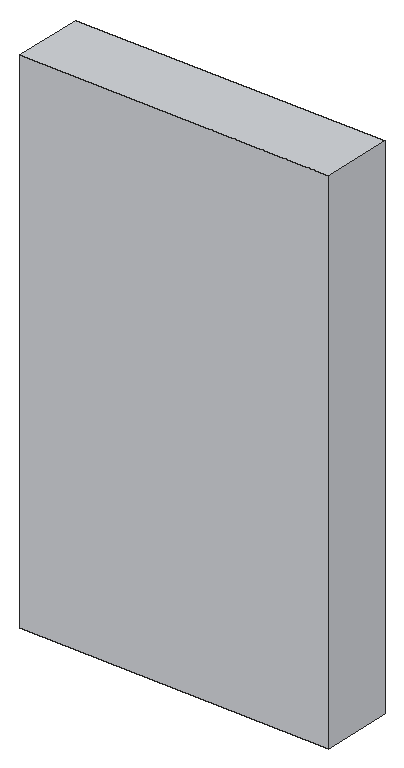
Revit family
Parameters
  Warranty Duration (Years) = 0
  Unit Width [instance] = 1' - 8 177/256"
  Unit Height [instance] = 0' - 9 99/256"
  Unit Depth = 0' - 0"
  URL = "http://www.americanspecialties.com/viewCategories.cfm"
  Test Data = ""
  Specification = "http://www.arcat.com/sdspecs/htm/10810asi.htm"
  SpecWizard = ""
  Send Message = "http://www.arcat.com/users.pl?action=UserEmail&company=American%20Specialties,%20Inc.&coid=30448&rep=139&fax=914-476-0688&mf="
  Sales Information = "http://www.americanspecialties.com/contact"
  Revision = "R1_10-2010"
  Trim Material = Metal - Stainless Steel
  Product Properties = "http://www.americanspecialties.com/datasheets/7402.pdf"
  Product Data = "http://www.arcat.com/arcatcos/cos30/arc30448.html"
  Body Material = Metal - Stainless Steel
  Model = "As Specified in 10 28 13"
  Manufacturer Website = "http://www.americanspecialties.com/viewCategories.cfm"
  Manufacturer Phone - Toll Free = ""
  Manufacturer Phone = "914-476-9000 "
  Manufacturer Fax = "914-476-0688"
  Manufacturer Address = "441 Saw Mill River Rd., Yonkers, NY 10701"
  Manufacturer = "American Specialties, Inc."
  Maintenance Schedule (Months) = 0
  Keynote = "10 28 13"
  Installation-Fabrication = "http://www.americanspecialties.com/products.cfm"
  Green Building-LEED = ""
  Expected Lifespan (Years) = 0
  Drawn By = "Robert S. Weygant. CSI, CDT, SCIP"  # constant formula
  Description = "Toilet Accessory as Specified in 10 28 13"
  Default Elevation = 4' - 0"
  Copyright = "©Arcat Inc."
  Construction Details = "http://www.arcat.com/green/clients/leed_data_30448.html"
  Building Codes = "http://www.americanspecialties.com/products.cfm"
  Assembly Code = "C1030210"
Reference planes (in)
  plane 1 "Center (Front/Back)": y = -0.22862
  plane 2 "Floor Line": z = 0
  plane 3: x = -6.97093
  plane 4: y = -6.54112
  plane 5: y = -0.97862
  plane 6: y = -5.79112
  plane 7: x = -0.65843
Forms (in)
  Extrusion 1, solid
    sketch origin (-3, -9, -6) x (0, 0, -1) y (1, 0, 0)
      loop
        line (-82, 26.34157) -> (-82, -19.34712) -> (-6, -19.34712) -> (-6, 26.34157) -> (-82, 26.34157)
    from 9 to -1.30107
  Extrusion 2, solid, material "Metal - Stainless Steel" <- "Body Material"
    sketch origin (0, 0, -2) x (1, 0, 0) y (0, 1, 0)
      loop
        line (-6.97093, -0.42371) -> (-6.97093, -6.34603)
        arc (-6.97093, -6.34603) -> (-6.91379, -6.48398) -> (-6.77584, -6.54112) r 0.19509
        line (-6.77584, -6.54112) -> (-0.85352, -6.54112)
        arc (-0.85352, -6.54112) -> (-0.71557, -6.48398) -> (-0.65843, -6.34603) r 0.19509
        line (-0.65843, -6.34603) -> (-0.65843, -0.42371)
        arc (-0.65843, -0.42371) -> (-0.71557, -0.28576) -> (-0.85352, -0.22862) r 0.19509
        line (-0.85352, -0.22862) -> (-6.77584, -0.22862)
        arc (-6.77584, -0.22862) -> (-6.91379, -0.28576) -> (-6.97093, -0.42371) r 0.19509
      loop
        arc (-6.04659, -0.97862) -> (-6.16987, -1.02968) -> (-6.22093, -1.15297) r 0.17435
        line (-6.22093, -1.15297) -> (-6.22093, -5.61677)
        arc (-6.22093, -5.61677) -> (-6.16987, -5.74005) -> (-6.04659, -5.79112) r 0.17435
        line (-6.04659, -5.79112) -> (-1.58278, -5.79112)
        arc (-1.58278, -5.79112) -> (-1.4595, -5.74005) -> (-1.40843, -5.61677) r 0.17435
        line (-1.40843, -5.61677) -> (-1.40843, -1.15297)
        arc (-1.40843, -1.15297) -> (-1.4595, -1.02968) -> (-1.58278, -0.97862) r 0.17435
        line (-1.58278, -0.97862) -> (-6.04659, -0.97862)
    from 2 to 2.125
  Extrusion 3, solid, material "Metal - Stainless Steel" <- "Body Material"
    sketch origin (-0.65843, -1.71875, -2) x (0, 1, 0) y (0, 0, 1)
      loop
        line (-1.16612, 3.9375) -> (-2.16612, 3.9375) -> (-2.16612, 2.125) -> (-1.16612, 2.125) -> (-1.16612, 3.9375)
    from -0.75 to -0.13825
  Extrusion 4, solid, material "Metal - Stainless Steel" <- "Body Material"
    sketch origin (-6.97093, -1.71875, -2) x (0, 1, 0) y (0, 0, -1)
      loop
        line (-1.16612, -3.9375) -> (-1.16612, -2.125) -> (-2.16612, -2.125) -> (-2.16612, -3.9375) -> (-1.16612, -3.9375)
    from -0.75 to -0.13825
  Extrusion 5, solid, material "Metal - Stainless Steel" <- "Body Material"
    sketch origin (-0.65843, -1.71875, -1.97999) x (0, 1, 0) y (0, 0, 1)
      loop
        circle (-1.6726, 3.22999) r 0.33333
    from -4 to -0.75
  Extrusion 6, solid, material "Metal - Stainless Steel" <- "Body Material"
    sketch origin (-0.65843, 0, 0) x (0, 1, 0) y (0, 0, 1)
      loop
        arc (-5.79112, 0) -> (-3.38487, -1.87683) -> (-0.97862, 0) r 2.48092
        line (-0.97862, 0) -> (-1.01085, 0)
        arc (-1.01085, 0) -> (-3.38487, -1.84558) -> (-5.75888, 0) r 2.44967
        line (-5.75888, 0) -> (-5.79112, 0)
    from -5.5625 to -0.75
  Extrusion 7, solid, material "Metal - Stainless Steel" <- "Body Material"
    sketch origin (-1.43968, 0, 0) x (0, 1, 0) y (0, 0, 1)
      loop
        arc (-5.79112, 0) -> (-3.38487, -1.87683) -> (-0.97862, 0) r 2.48092
        line (-0.97862, 0) -> (-5.79112, 0)
    from 0 to 0.03125
  Extrusion 8, solid, material "Metal - Stainless Steel" <- "Body Material"
    sketch origin (-6.22093, 0, 0) x (0, 1, 0) y (0, 0, 1)
      loop
        arc (-5.79112, 0) -> (-3.38487, -1.87683) -> (-0.97862, 0) r 2.48092
        line (-0.97862, 0) -> (-5.79112, 0)
    from 0 to 0.03125
  Extrusion 9, void
    sketch origin (0, 0, 0) x (1, 0, 0) y (0, 1, 0)
      loop
        line (-6.22093, -0.97862) -> (-6.22093, -5.79112) -> (-1.40843, -5.79112) -> (-1.40843, -0.97862) -> (-6.22093, -0.97862)
    from -1.99215 to 0
  Extrusion 10, solid, material "Metal - Stainless Steel" <- "Body Material"
    sketch origin (-0.65843, 0, 0) x (0, 1, 0) y (0, 0, 1)
      loop
        circle (-3.39135, 1.25) r 0.30208
    from -5.5625 to -4
  Extrusion 11, void
    sketch origin (0, 0, 0) x (1, 0, 0) y (0, 1, 0)
      loop
        circle (-5.68968, -3.38487) r 0.125
      loop
        circle (-1.93968, -3.38487) r 0.125
    from -1.87683 to -1.79907
Cuts and joins
  Extrusion 9, Extrusion 11 cuts Extrusion 2
  Extrusion 9 cuts Extrusion 3
  Extrusion 9 cuts Extrusion 4
  Extrusion 11 cuts Extrusion 5
  Extrusion 11 cuts Extrusion 6
  Extrusion 11 cuts Extrusion 10
Lines and regions (in)
  symbolic lines
    curve 1: line (-6.97093, 0.36513, 0) -> (-0.65843, 0.36513, 0)
Dimensions and locks (in)
  aligned and locked: Extrusion 1 to level
  aligned and locked: Extrusion 2 to plane 1 "Center (Front/Back)"
  aligned and locked: plane 5 to Extrusion 2
  aligned and locked: Extrusion 2 to plane 6
  aligned and locked: Extrusion 6 to Extrusion 2
  aligned and locked: Extrusion 7 sketch curve to Extrusion 6
  aligned and locked: Extrusion 2 to Extrusion 7 sketch curve
  aligned and locked: Extrusion 9 sketch curve to Extrusion 8
  aligned and locked: Extrusion 9 sketch curve to plane 5
  aligned and locked: Extrusion 9 sketch curve to plane 6
  aligned and locked: Extrusion 9 sketch curve to Extrusion 2
  aligned and locked: Extrusion 6 to Extrusion 5
  aligned and locked: cut or joined group of Extrusion 2, Extrusion 9, Extrusion 11 to plane 7
  aligned and locked: cut or joined group of Extrusion 2, Extrusion 9, Extrusion 11 to plane 3
